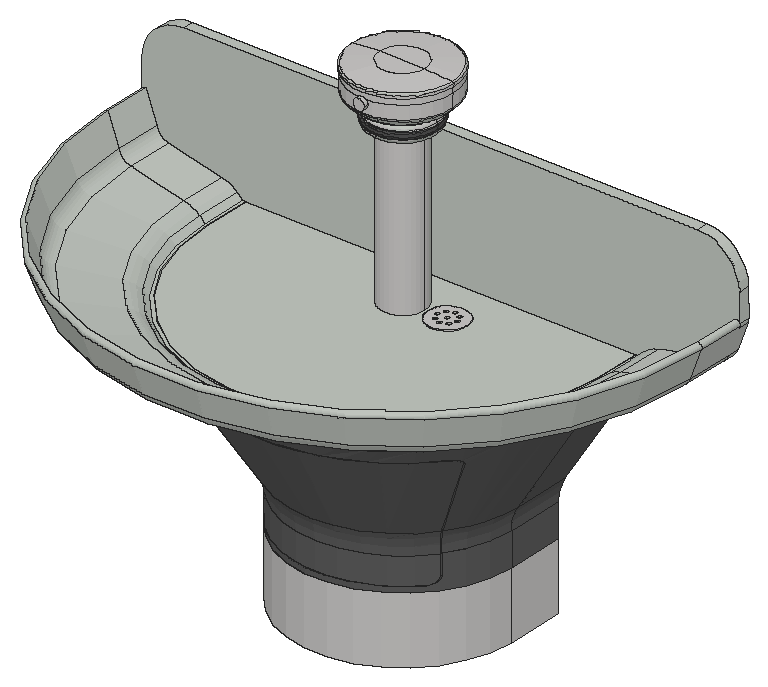
Revit family "Washfountain_Lavatory-Bradley_Corp-TDB3104-Type_H_Drain", category Plumbing Fixtures, Revit 2012 (continued)
Lines and regions (in)
  symbolic lines, detail levels fine
    curve 120: line (0, -11.62628, 6.53285) -> (0, -15, 6.53285)
    curve 121: arc (0, -10.81799, 7.20272) -> (0, -11.10139, 6.72209) -> (0, -11.62628, 6.53285) r 0.82259
    curve 122: arc (0, -11.21198, 11.15545) -> (0, -10.9173, 10.09558) -> (0, -10.81799, 9) r 6.09304
    curve 123: arc (0, -15.24266, 20) -> (0, -14.62169, 19.87689) -> (0, -14.2179, 19.38934) r 0.94465
  symbolic lines, visible <- "Towel Dispenser"
    curve 42: line (-9.02868, -27, 49.185) -> (-3.52868, -27, 49.185)
    curve 43: line (-3.52868, -27, 49.185) -> (-1.58013, -27, 47.81)
    curve 44: line (-3.52868, -27, 49.185) -> (-3.52868, -27, 62.435)
    curve 45: line (-9.02868, -27, 62.435) -> (-3.52868, -27, 62.435)
    curve 46: line (-3.52868, -27, 62.435) -> (-0.06458, -27, 63.1225)
    curve 47: line (-0.06458, -27, 63.1225) -> (-0.06458, -27, 47.81)
    curve 48: line (0.06458, -27, 47.81) -> (0.06458, -27, 63.1225)
    curve 49: line (0.06458, -27, 63.1225) -> (3.52868, -27, 62.435)
    curve 50: line (3.52868, -27, 62.435) -> (3.52868, -27, 49.185)
    curve 51: line (3.52868, -27, 49.185) -> (1.58013, -27, 47.81)
    curve 52: line (3.52868, -27, 49.185) -> (9.02868, -27, 49.185)
    curve 53: line (3.52868, -27, 62.435) -> (9.02868, -27, 62.435)
    curve 54: line (-2, -27, 63.1225) -> (2, -27, 63.1225)
    curve 55: line (-2, -27, 47.81) -> (2, -27, 47.81)
    curve 70: line (-5.56458, 7, 63.1225) -> (-5.56458, 7, 47.81)
    curve 71: line (5.56458, 7, 63.1225) -> (5.56458, 7, 47.81)
    curve 72: line (-2, 7, 49.37293) -> (-2, 7, 61.935)
    curve 73: line (2, 7, 61.935) -> (2, 7, 49.37293)
    curve 133: line (-27, -4.11186, 62.435) -> (-27, -2.11186, 63.1225)
    curve 134: line (-27, -4.11186, 62.435) -> (-27, -13.63814, 62.435)
    curve 135: line (-27, -4.11186, 49.185) -> (-27, -4.11186, 62.435)
    curve 136: line (-27, -2.98686, 47.81) -> (-27, -4.11186, 49.185)
    curve 137: line (-27, -4.11186, 49.185) -> (-27, -13.63814, 49.185)
    curve 144: line (-27, -3.25, 63.1225) -> (-27, -7.25, 63.1225)
    curve 145: line (-26.9807, -3.25, 47.81) -> (-26.9807, -7.25, 47.81)
    curve 152: line (-0.06458, -11.63814, 47.81) -> (-5.56458, -2.11186, 47.81)
    curve 153: line (5.56458, -2.11186, 47.81) -> (0.06458, -11.63814, 47.81)
    curve 164: line (-2, 7, 47.81) -> (-2, 7, 48.87293)
    curve 165: line (2, 7, 47.81) -> (2, 7, 48.87293)
    curve 166: line (-2, 7, 63.1225) -> (-2, 7, 62.435)
    curve 167: line (2, 7, 63.1225) -> (2, 7, 62.435)
    curve 168: line (-5.56458, 7, 62.435) -> (5.56458, 7, 62.435)
    curve 169: line (5.56458, 7, 61.935) -> (-5.56458, 7, 61.935)
    curve 170: line (-5.56458, 7, 49.37293) -> (5.56458, 7, 49.37293)
    curve 171: line (5.56458, 7, 48.87293) -> (-5.56458, 7, 48.87293)
  symbolic lines, visible <- "Towel Dispenser", detail levels medium+fine
    curve 56: line (-3.83614, -27, 48.87293) -> (-7.83674, -27, 48.87293)
    curve 57: spline (-7.83674, -27, 48.87293) -> (-7.91491, -27, 48.8596) -> (-7.94999, -27, 48.82053) -> (-7.93958, -27, 48.75838) -> (-7.88439, -27, 48.67739) -> (-7.78818, -27, 48.58306) -> (-7.65752, -27, 48.48184) -> (-7.50129, -27, 48.38062) -> (-7.33016, -27, 48.2863) -> (-7.15579, -27, 48.2053) -> (-6.99004, -27, 48.14315) -> (-6.84423, -27, 48.10408) -> (-6.72829, -27, 48.09075)
    curve 58: line (-6.72829, -27, 48.09075) -> (-2.72769, -27, 48.09075)
    curve 59: spline (-2.72769, -27, 48.09075) -> (-2.64952, -27, 48.10408) -> (-2.61444, -27, 48.14315) -> (-2.62485, -27, 48.2053) -> (-2.68004, -27, 48.2863) -> (-2.77625, -27, 48.38062) -> (-2.90691, -27, 48.48184) -> (-3.06314, -27, 48.58306) -> (-3.23427, -27, 48.67739) -> (-3.40864, -27, 48.75838) -> (-3.57439, -27, 48.82053) -> (-3.7202, -27, 48.8596) -> (-3.83614, -27, 48.87293)
    curve 60: line (7.83728, -27, 48.87335) -> (3.83704, -27, 48.87335)
    curve 61: spline (3.83704, -27, 48.87335) -> (3.72108, -27, 48.86002) -> (3.57526, -27, 48.82095) -> (3.4095, -27, 48.75879) -> (3.2351, -27, 48.67779) -> (3.06395, -27, 48.58345) -> (2.90772, -27, 48.48222) -> (2.77704, -27, 48.38099) -> (2.68082, -27, 48.28666) -> (2.62563, -27, 48.20565) -> (2.61521, -27, 48.1435) -> (2.65029, -27, 48.10442) -> (2.72847, -27, 48.09109)
    curve 62: line (2.72847, -27, 48.09109) -> (6.72872, -27, 48.09109)
    curve 63: spline (6.72872, -27, 48.09109) -> (6.84468, -27, 48.10442) -> (6.9905, -27, 48.1435) -> (7.15626, -27, 48.20565) -> (7.33066, -27, 48.28666) -> (7.5018, -27, 48.38099) -> (7.65804, -27, 48.48222) -> (7.78872, -27, 48.58345) -> (7.88494, -27, 48.67779) -> (7.94013, -27, 48.75879) -> (7.95054, -27, 48.82095) -> (7.91547, -27, 48.86002) -> (7.83728, -27, 48.87335)
    curve 140: line (-27, -12.08429, 48.87293) -> (-27, -5.15505, 48.87293)
    curve 141: spline (-27, -5.15505, 48.87293) -> (-27, -4.97604, 48.8596) -> (-27, -4.78742, 48.82053) -> (-27, -4.60205, 48.75838) -> (-27, -4.43256, 48.67739) -> (-27, -4.2905, 48.58306) -> (-27, -4.18555, 48.48184) -> (-27, -4.12486, 48.38062) -> (-27, -4.11258, 48.2863) -> (-27, -4.14953, 48.2053) -> (-27, -4.23319, 48.14315) -> (-27, -4.35788, 48.10408) -> (-27, -4.51509, 48.09075)
    curve 142: line (-27, -4.51509, 48.09075) -> (-27, -11.44433, 48.09075)
    curve 143: spline (-27, -11.44433, 48.09075) -> (-27, -11.62334, 48.10408) -> (-27, -11.81196, 48.14315) -> (-27, -11.99733, 48.2053) -> (-27, -12.16682, 48.2863) -> (-27, -12.30888, 48.38062) -> (-27, -12.41383, 48.48184) -> (-27, -12.47452, 48.58306) -> (-27, -12.4868, 48.67739) -> (-27, -12.44985, 48.75838) -> (-27, -12.36618, 48.82053) -> (-27, -12.2415, 48.8596) -> (-27, -12.08429, 48.87293)
    curve 151: line (-1.58013, -12.51314, 47.81) -> (-7.08013, -2.98686, 47.81)
    curve 154: line (7.08013, -2.98686, 47.81) -> (1.58013, -12.51314, 47.81)
  symbolic lines, visible <- "Towel Dispenser", detail levels fine
    curve 64: line (-8.05179, -27, 53.78719) -> (-8.05179, -27, 51.78719)
    curve 65: line (-8.05179, -27, 51.78719) -> (-8.05179, -27, 53.78719)
    curve 66: line (4.50683, -27, 53.78485) -> (4.50683, -27, 51.78485)
    curve 67: line (4.50683, -27, 51.78485) -> (4.50683, -27, 53.78485)
    curve 68: spline (-9.02868, -27, 49.185) -> (-8.93498, -27, 52.22612) -> (-8.66025, -27, 55.06) -> (-8.22323, -27, 57.4935) -> (-7.65368, -27, 59.3608) -> (-6.99044, -27, 60.53463) -> (-6.27868, -27, 60.935) -> (-5.56693, -27, 60.53463) -> (-4.90368, -27, 59.3608) -> (-4.33414, -27, 57.4935) -> (-3.89711, -27, 55.06) -> (-3.62239, -27, 52.22612) -> (-3.52868, -27, 49.185)
    curve 69: spline (3.52868, -27, 49.185) -> (3.62239, -27, 52.16142) -> (3.89711, -27, 54.935) -> (4.33414, -27, 57.31673) -> (4.90368, -27, 59.14429) -> (5.56693, -27, 60.29315) -> (6.27868, -27, 60.685) -> (6.99044, -27, 60.29315) -> (7.65368, -27, 59.14429) -> (8.22323, -27, 57.31673) -> (8.66025, -27, 54.935) -> (8.93498, -27, 52.16142) -> (9.02868, -27, 49.185)
    curve 138: spline (-27, -13.63814, 49.185) -> (-27, -13.47584, 52.16142) -> (-27, -13, 54.935) -> (-27, -12.24305, 57.31673) -> (-27, -11.25657, 59.14429) -> (-27, -10.10779, 60.29315) -> (-27, -8.875, 60.685) -> (-27, -7.64221, 60.29315) -> (-27, -6.49343, 59.14429) -> (-27, -5.50695, 57.31673) -> (-27, -4.75, 54.935) -> (-27, -4.27416, 52.16142) -> (-27, -4.11186, 49.185)
    curve 139: spline (-27, -5.8067, 51.78656) -> (-27, -5.84041, 51.82064) -> (-27, -5.87182, 51.92054) -> (-27, -5.89879, 52.07946) -> (-27, -5.91949, 52.28656) -> (-27, -5.9325, 52.52774) -> (-27, -5.93694, 52.78656) -> (-27, -5.9325, 53.04538) -> (-27, -5.91949, 53.28656) -> (-27, -5.89879, 53.49367) -> (-27, -5.87182, 53.65259) -> (-27, -5.84041, 53.75249) -> (-27, -5.8067, 53.78656) -> (-27, -5.77299, 53.75249) -> (-27, -5.74158, 53.65259) -> (-27, -5.7146, 53.49367) -> (-27, -5.69391, 53.28656) -> (-27, -5.68089, 53.04538) -> (-27, -5.67646, 52.78656) -> (-27, -5.68089, 52.52774) -> (-27, -5.69391, 52.28656) -> (-27, -5.7146, 52.07946) -> (-27, -5.74158, 51.92054) -> (-27, -5.77299, 51.82064) -> (-27, -5.8067, 51.78656)
  symbolic lines, visible <- "Soap Dispenser", detail levels medium+fine
    curve 79: line (-27, -11.45731, 50.25) -> (-27, -3.06766, 50.25)
    curve 87: line (-6.03002, 0, 50.25) -> (6.03002, 0, 50.25)
    curve 155: line (-4.17808, -3.06766, 51.25) -> (-4.17808, -5.3402, 51.25)
    curve 156: arc (4.17808, -5.3402, 51.25) -> (0, -9.51828, 51.25) -> (-4.17808, -5.3402, 51.25) r 4.17808
    curve 157: line (4.17808, -5.3402, 51.25) -> (4.17808, -3.06766, 51.25)
  symbolic lines, visible <- "Soap Dispenser", detail levels fine
    curve 80: line (-27, -11.49582, 50.87453) -> (-27, -3.06766, 50.87453)
    curve 81: line (-27, -11.32199, 49.60673) -> (-27, -3.06766, 49.60673)
    curve 82: line (-27, -11.26962, 48.35673) -> (-27, -3.06766, 48.35673)
    curve 83: line (-27, -11.217, 47.10673) -> (-27, -3.06766, 47.10673)
    curve 84: line (-27, -11.14922, 45.85673) -> (-27, -3.06766, 45.85673)
    curve 86: line (-6.15562, 0, 50.875) -> (6.15562, 0, 50.875)
    curve 88: line (5.98204, 0, 49.60673) -> (-5.98204, 0, 49.60673)
    curve 89: line (-5.92942, 0, 48.35673) -> (5.92942, 0, 48.35673)
    curve 90: line (5.8768, 0, 47.10673) -> (-5.8768, 0, 47.10673)
    curve 91: line (-5.80902, 0, 45.85673) -> (5.82464, 0, 45.85673)
  symbolic lines, visible <- "Soap Dispenser"
    curve 85: line (-27, -7.25, 45.25) -> (-27, -3.24582, 45.25)
    curve 92: line (-2, 0, 45.25) -> (2, 0, 45.25)
  symbolic lines, detail levels medium
    curve 94: line (-4.5755, -5.25, 41.06653) -> (4.5755, -5.25, 41.06653)
    curve 100: line (-3.035, -5.25, 38.77376) -> (-3.125, -5.25, 38.77376)
    curve 101: line (-3.035, -5.25, 39.27361) -> (-3.125, -5.25, 39.27361)
    curve 102: line (3.035, -5.25, 39.27361) -> (3.125, -5.25, 39.27361)
    curve 103: line (3.035, -5.25, 38.77376) -> (3.125, -5.25, 38.77376)
    curve 106: line (-27, -0.6745, 41.06653) -> (-27, -9.8255, 41.06653)
    curve 109: line (-27, -2.125, 39.27361) -> (-27, -2.215, 39.27361)
    curve 111: line (-26.9807, -8.285, 39.27392) -> (-26.9807, -8.375, 39.27392)
    curve 112: line (-27, -8.375, 38.77376) -> (-27, -8.285, 38.77376)
    curve 114: line (-27, -2.215, 38.77376) -> (-27, -2.125, 38.77376)
  symbolic lines, detail levels medium+fine
    curve 98: line (-3.035, -5.25, 39.27361) -> (3.035, -5.25, 39.27361)
    curve 99: line (3.035, -5.25, 38.77376) -> (-3.035, -5.25, 38.77376)
    curve 110: line (-27, -2.215, 39.27361) -> (-27, -8.285, 39.27361)
    curve 113: line (-27, -8.285, 38.77376) -> (-27, -2.215, 38.77376)
    curve 158: line (-16.42795, -5.25, 30) -> (-16.42795, -0.99695, 30)
    curve 159: arc (16.42795, -5.25, 30) -> (0, -21.67795, 30) -> (-16.42795, -5.25, 30) r 16.42795
    curve 160: line (16.42795, -0.99695, 30) -> (16.42795, -5.25, 30)
    curve 173: circle (4, -5.24635, 30) r 1.34351 normal (0, 0, 1)
    curve 174: circle (4, -5.24635, 30) r 0.1842 normal (0, 0, 1)
    curve 175: circle (4, -4.36864, 30) r 0.1842 normal (0, 0, 1)
    curve 176: circle (4.62063, -4.62571, 30) r 0.1842 normal (0, 0, 1)
    curve 177: circle (4.87771, -5.24635, 30) r 0.1842 normal (0, 0, 1)
    curve 178: circle (4.62063, -5.86698, 30) r 0.1842 normal (0, 0, 1)
    curve 179: circle (4, -6.12406, 30) r 0.1842 normal (0, 0, 1)
    curve 180: circle (3.37937, -5.86698, 30) r 0.1842 normal (0, 0, 1)
    curve 181: circle (3.12229, -5.24635, 30) r 0.1842 normal (0, 0, 1)
    curve 182: circle (3.37937, -4.62571, 30) r 0.1842 normal (0, 0, 1)
    curve 185: circle (0, -5.25, 43.414) r 3.75 normal (0, 0, 1)
  symbolic lines, visible <- "Standard Height", detail levels medium+fine
    curve 116: arc (-27, -25.14914, 27.60641) -> (-27, -21.62946, 26.99605) -> (-27, -18.06241, 26.80413) r 30.30246
    curve 132: line (-27, -18.06241, 26.80413) -> (-27, -15.06241, 26.80413)
    curve 161: arc (-19.89268, -27, 27.60641) -> (0, -27, 26.01288) -> (19.89268, -27, 27.60641) r 124.96125
  symbolic lines, visible <- "Standard Height", detail levels coarse
    curve 125: line (-27, -25.14914, 27.60641) -> (-27, 0, 27.60641)
    curve 162: line (-19.89268, -27, 27.60641) -> (19.89268, -27, 27.60641)
  symbolic lines, visible <- "Juvenile Height", detail levels medium+fine
    curve 126: arc (-27, -24.98186, 24.71005) -> (-27, -21.77754, 24.31554) -> (-27, -18.55112, 24.19901) r 37.37844
    curve 146: arc (-19.73471, -27, 24.7109) -> (0, -27, 23.98814) -> (19.73471, -27, 24.7109) r 269.78563
  symbolic lines, visible <- "Soap Dispenser", detail levels medium
    curve 128: line (-6.03002, 0, 50.25) -> (-6.11711, 0, 50.25)
    curve 129: line (6.03002, 0, 50.25) -> (6.11711, 0, 50.25)
  symbolic lines, visible <- "Button Visibility"
    curve 184: circle (0, -44.4096, 41.95529) r 0.5 normal (0, -1, 0)
Dimensions and locks (in)
  equal spacing: plane 4 "Left", plane 3 "Center (Left/Right)", plane 5 "Right"
  "Width": plane 4 "Left" to plane 5 "Right"
  "Towel Dispenser Height": plane 6 "Towel Dispenser" to plane 2
  "Soap Dispenser Height": plane 7 "Soap Dispenser" to plane 2
  "Sensor Module Height": plane 8 "Sensor Module" to plane 2
  "Spray Head Height": plane 9 "Spray Head" to plane 2
  "Rim Height": plane 10 "Rim Height" to plane 2
  "Pedestal Height": plane 11 "Pedestal Height" to plane 2
  locked: curve 14 to plane 11 "Pedestal Height" at 16.5
  locked: curve 21 to plane 11 "Pedestal Height" at 12.5
  locked: Extrusion 19 sketch curve to Extrusion 19 sketch curve at 4
  locked: curve 25 to Extrusion 19 sketch curve at 15.3125
  locked: plane 7 "Soap Dispenser" to Extrusion 23 sketch curve at 6
  locked: plane 7 "Soap Dispenser" to Revolve 25 sketch curve at 6
  locked: plane 7 "Soap Dispenser" to Masking region 13 sketch curve at 6  (x2)
  locked: plane 8 "Sensor Module" to Revolve 22 sketch curve at 3.17187
  locked: plane 8 "Sensor Module" to Revolve 22 sketch curve at 5.10281
  locked: plane 8 "Sensor Module" to Revolve 21 sketch curve at 3.17187
  locked: plane 8 "Sensor Module" to Revolve 21 sketch curve at 5.10281
  locked: curve 25 to Extrusion 19 sketch curve at 15.16214
  locked: curve 25 to Extrusion 19 sketch curve at 4
  locked: Extrusion 18 sketch curve to curve 24 at 4
  locked: curve 24 to Extrusion 18 sketch curve at 15.3125
  locked: curve 24 to Extrusion 18 sketch curve at 15.16214
  "Towel Dispenser Holder": plane 6 "Towel Dispenser" to Masking region 6
  "Towel Dispenser Holder": plane 6 "Towel Dispenser" to Extrusion 27
  locked: Extrusion 27 to Extrusion 18 at 1
  "Towel Dispenser Holder": plane 6 "Towel Dispenser" to Masking region 11
  locked: plane 7 "Soap Dispenser" to Revolve 25 sketch curve at 1
  locked: plane 7 "Soap Dispenser" to Revolve 25 sketch curve at 0.375
  locked: plane 8 "Sensor Module" to Extrusion 15 at 3.17187
  locked: Extrusion 29 sketch curve to plane 1 "Center (Front/Back)" at 5.25
  locked: Extrusion 30 sketch curve to plane 1 "Center (Front/Back)" at 2  (x2)
  Extrusion 30 sketch curve to plane 3 "Center (Left/Right)" to Extrusion 30 sketch curve = 7.625" locked, 7.625" locked
  Extrusion 31 sketch curve to plane 3 "Center (Left/Right)" to Extrusion 31 sketch curve = 7.625" locked, 7.625" locked
  locked: Extrusion 31 sketch curve to plane 2 at 12
  locked: Extrusion 30 to plane 2 at 2.5
  locked: plane 1 "Center (Front/Back)" to Extrusion 31 at 1
  "Supply Height": Extrusion 29 to plane 2
  plane 7 "Soap Dispenser" to Extrusion 24 sketch curve to Extrusion 24 sketch curve = 1.000" locked, 5.000" locked
  plane 7 "Soap Dispenser" to Revolve 26 sketch curve to Revolve 26 sketch curve = 1.000" locked, 5.000" locked
  locked: plane 7 "Soap Dispenser" to Extrusion 33 sketch curve at 1
  Extrusion 31 sketch curve to plane 2 = 12.000"
  locked: Extrusion 36 sketch curve to plane 1 "Center (Front/Back)" at 5.25
  locked: Extrusion 36 sketch curve to plane 3 "Center (Left/Right)" at 4
  locked: Extrusion 36 to plane 2 at 3
  "Vent Radius": radius of Extrusion 29 sketch curve
  "Hot Lavatory Inlet Secondary Radius": radius of Extrusion 30 sketch curve
  "Cold Lavatory Inlet Secondary Radius": radius of Extrusion 30 sketch curve
  "Hot Lavatory Inlet Primary Radius": radius of Extrusion 31 sketch curve
  "Cold Lavatory Inlet Primary Radius": radius of Extrusion 31 sketch curve
  "Drain Radius": radius of Extrusion 36 sketch curve
  aligned and locked: plane 10 "Rim Height" to curve 1
  aligned and locked: Sweep 4 to Extrusion 15
  aligned and locked: plane 6 "Towel Dispenser" to curve 23
  aligned and locked: Extrusion 17 to plane 8 "Sensor Module"
  aligned and locked: Extrusion 18 to Extrusion 20
  aligned and locked: plane 11 "Pedestal Height" to Masking region 9 sketch curve
  aligned and locked: plane 2 to Masking region 9 sketch curve
  aligned and locked: Masking region 10 sketch curve to plane 8 "Sensor Module"
  aligned and locked: Masking region 12 to plane 8 "Sensor Module"
  aligned and locked: Masking region 13 to plane 8 "Sensor Module"
  aligned and locked: Masking region 14 to plane 8 "Sensor Module"
  aligned and locked: Masking region 25 to Revolve 21
  aligned and locked: Masking region 25 to plane 10 "Rim Height"
  aligned and locked: Revolve 21 to Masking region 26
  aligned and locked: plane 10 "Rim Height" to Masking region 26
  aligned and locked: Revolve 25 to Masking region 14  (x3)
  aligned and locked: Masking region 14 sketch curve to Extrusion 23
  aligned and locked: Extrusion 23 to Masking region 14
  aligned and locked: Extrusion 17 to cut or joined group of Extrusion 24, Revolve 26
  aligned and locked: Extrusion 29 to plane 2
  aligned and locked: Revolve 32 sketch curve to plane 3 "Center (Left/Right)"
  aligned and locked: Extrusion 30 to plane 2
  aligned and locked: Extrusion 36 to plane 2
Automatic sketch dimensions
  curve 21 to plane 4 "Left" = 6.92149"
  curve 21 to curve 14 = 1.92149"
  plane 4 "Left" to curve 14 = 6.000"
  curve 14 to curve 21 = 0.07851"
  curve 1 to plane 4 "Left" = 20.13744"
  plane 4 "Left" to curve 1 = 2.86256"
  Extrusion 1 sketch curve to plane 1 "Center (Front/Back)" = 0.000"
  Extrusion 1 sketch curve to plane 3 "Center (Left/Right)" = 0.000"
  Extrusion 1 sketch curve to plane 3 "Center (Left/Right)" = 9.750"
  plane 1 "Center (Front/Back)" to Extrusion 1 sketch curve = 5.250"
  Sweep 2 sketch curve to profile plane = 0.000"  (x2)
  profile plane to Sweep 2 sketch curve = 0.20663"
  Sweep 2 sketch curve to Sweep 2 sketch curve = 0.42149"
  profile plane to Sweep 2 sketch curve = 6.67795"
  Sweep 2 sketch curve to Sweep 2 sketch curve = 0.46084"
  Sweep 2 sketch curve to Sweep 2 sketch curve = 0.55216"
  Sweep 2 sketch curve to Sweep 2 sketch curve = 0.51988"
  Sweep 2 sketch curve to Sweep 2 sketch curve = 0.500"
  Sweep 2 sketch curve to Sweep 2 sketch curve = 2.980"
  Sweep 2 sketch curve to Sweep 2 sketch curve = 0.000"
  Sweep 2 sketch curve to Sweep 2 sketch curve = 2.15184"
  Sweep 2 sketch curve to Sweep 2 sketch curve = 0.26898"
  Sweep 2 sketch curve to Sweep 2 sketch curve = 10.2021"
  Sweep 2 sketch curve to Sweep 2 sketch curve = 0.20731"
  Sweep 2 sketch curve to Sweep 2 sketch curve = 1.93875"
  Sweep 3 sketch curve to profile plane = 0.000"  (x2)
  profile plane to Sweep 3 sketch curve = 0.20663"
  Sweep 3 sketch curve to Sweep 3 sketch curve = 0.42149"
  profile plane to Sweep 3 sketch curve = 4.000"
  profile plane to Sweep 3 sketch curve = 6.67795"
  Sweep 3 sketch curve to Sweep 3 sketch curve = 0.46084"
  Sweep 3 sketch curve to Sweep 3 sketch curve = 0.55216"
  Sweep 3 sketch curve to Sweep 3 sketch curve = 0.37561"
  Sweep 3 sketch curve to Sweep 3 sketch curve = 0.0125"
  Sweep 3 sketch curve to Sweep 3 sketch curve = 0.11945"
  Sweep 3 sketch curve to Sweep 3 sketch curve = 0.000"  (x2)
  Sweep 3 sketch curve to Sweep 3 sketch curve = 0.500"
  Sweep 3 sketch curve to profile plane = 1.16827"
  Sweep 3 sketch curve to Sweep 3 sketch curve = 2.980"
  Sweep 3 sketch curve to Sweep 3 sketch curve = 0.26898"
  Sweep 3 sketch curve to Sweep 3 sketch curve = 10.2021"
  Sweep 3 sketch curve to Sweep 3 sketch curve = 0.20731"
  Sweep 3 sketch curve to Sweep 3 sketch curve = 1.79793"
  profile plane to Sweep 4 sketch curve = 17.05789"
  Sweep 4 sketch curve to Sweep 4 sketch curve = 0.52916"
  Sweep 4 sketch curve to Sweep 4 sketch curve = 1.20506"
  Sweep 4 sketch curve to Sweep 4 sketch curve = 0.38561"
  Sweep 4 sketch curve to Sweep 4 sketch curve = 4.79538"
  Sweep 4 sketch curve to Sweep 4 sketch curve = 0.27039"
  Sweep 4 sketch curve to Sweep 4 sketch curve = 1.45241"
  Sweep 4 sketch curve to Sweep 4 sketch curve = 0.44027"
  Sweep 4 sketch curve to Sweep 4 sketch curve = 0.46741"
  Sweep 4 sketch curve to Sweep 4 sketch curve = 0.50758"
  profile plane to Sweep 4 sketch curve = 17.480"
  Sweep 4 sketch curve to Sweep 4 sketch curve = 0.500"
  Sweep 4 sketch curve to Sweep 4 sketch curve = 2.01893"
  Sweep 4 sketch curve to Sweep 4 sketch curve = 0.22984"
  Sweep 4 sketch curve to Sweep 4 sketch curve = 1.58748"
  Sweep 4 sketch curve to Sweep 4 sketch curve = 0.44518"
  Sweep 4 sketch curve to Sweep 4 sketch curve = 1.38849"
  Sweep 4 sketch curve to Sweep 4 sketch curve = 0.4143"
  Sweep 4 sketch curve to Sweep 4 sketch curve = 4.5908"
  Sweep 5 sketch curve to Sweep 5 sketch curve = 0.000"  (x7)
  profile plane to Sweep 5 sketch curve = 17.21443"
  Sweep 5 sketch curve to Sweep 5 sketch curve = 0.00833"
  Sweep 5 sketch curve to Sweep 5 sketch curve = 0.15654"
  Sweep 5 sketch curve to Sweep 5 sketch curve = 0.25178"
  Sweep 5 sketch curve to Sweep 5 sketch curve = 0.49458"
  Sweep 5 sketch curve to Sweep 5 sketch curve = 0.00555"
  Sweep 5 sketch curve to Sweep 5 sketch curve = 0.37062"
  Sweep 5 sketch curve to Sweep 5 sketch curve = 0.18233"
  Sweep 5 sketch curve to Sweep 5 sketch curve = 0.4918"
  Sweep 5 sketch curve to Sweep 5 sketch curve = 0.98915"
  Sweep 5 sketch curve to Sweep 5 sketch curve = 1.13886"
  Sweep 5 sketch curve to Sweep 5 sketch curve = 0.12943"  (x2)
  Sweep 5 sketch curve to Sweep 5 sketch curve = 0.98948"
  Sweep 5 sketch curve to Sweep 5 sketch curve = 4.66326"
  Sweep 5 sketch curve to Sweep 5 sketch curve = 0.51772"
  Sweep 5 sketch curve to Sweep 5 sketch curve = 1.97013"
  Sweep 5 sketch curve to Sweep 5 sketch curve = 0.4229"
  Sweep 5 sketch curve to Sweep 5 sketch curve = 0.49279"
  Sweep 5 sketch curve to Sweep 5 sketch curve = 0.11821"
  Sweep 5 sketch curve to Sweep 5 sketch curve = 0.30283"
  Sweep 5 sketch curve to Sweep 5 sketch curve = 0.1039"
  profile plane to Sweep 5 sketch curve = 17.480"
  Sweep 5 sketch curve to Sweep 5 sketch curve = 0.09934"
  Sweep 5 sketch curve to Sweep 5 sketch curve = 0.500"
  Sweep 5 sketch curve to Sweep 5 sketch curve = 0.08737"
  Sweep 5 sketch curve to Sweep 5 sketch curve = 2.07524"
  Sweep 5 sketch curve to Sweep 5 sketch curve = 0.34435"
  Sweep 5 sketch curve to Sweep 5 sketch curve = 0.08462"
  Sweep 5 sketch curve to Sweep 5 sketch curve = 1.38849"
  Sweep 5 sketch curve to Sweep 5 sketch curve = 0.48296"
  Sweep 5 sketch curve to Sweep 5 sketch curve = 1.28456"
  Sweep 5 sketch curve to Sweep 5 sketch curve = 1.37314"
  Sweep 5 sketch curve to Sweep 5 sketch curve = 0.09018"
  Sweep 5 sketch curve to Sweep 5 sketch curve = 0.18035"
  Sweep 5 sketch curve to Sweep 5 sketch curve = 1.07264"
  Sweep 5 sketch curve to Sweep 5 sketch curve = 0.05503"
  Extrusion 6 sketch curve to curve 14 = 0.000"
  Extrusion 6 sketch curve to curve 14 = 7.3736"
  Extrusion 6 sketch curve to curve 14 = 47.96443"
  Extrusion 6 sketch curve to curve 14 = 7.86445"
  Extrusion 6 sketch curve to Extrusion 6 sketch curve = 0.00833"  (x2)
  Extrusion 6 sketch curve to Extrusion 6 sketch curve = 0.15654"
  Extrusion 6 sketch curve to curve 14 = 9.23759"
  Extrusion 6 sketch curve to Extrusion 6 sketch curve = 0.25178"  (x2)
  Extrusion 6 sketch curve to Extrusion 6 sketch curve = 1.4754"
  Extrusion 6 sketch curve to Extrusion 6 sketch curve = 1.63066"
  Extrusion 6 sketch curve to Extrusion 6 sketch curve = 0.98948"  (x2)
  Extrusion 6 sketch curve to Extrusion 6 sketch curve = 3.750"  (x2)
  Extrusion 6 sketch curve to Extrusion 6 sketch curve = 4.66326"
  Extrusion 6 sketch curve to curve 14 = 12.39359"
  Extrusion 6 sketch curve to Extrusion 6 sketch curve = 0.51772"
  Extrusion 6 sketch curve to curve 14 = 13.98107"
  Extrusion 6 sketch curve to Extrusion 6 sketch curve = 1.97013"
  Extrusion 6 sketch curve to curve 14 = 16.40066"
  Extrusion 6 sketch curve to Extrusion 6 sketch curve = 0.4229"  (x2)
  Extrusion 6 sketch curve to Extrusion 6 sketch curve = 0.11821"  (x2)
  Extrusion 6 sketch curve to curve 14 = 3.10085"
  Extrusion 6 sketch curve to curve 14 = 1.10732"
  Extrusion 6 sketch curve to curve 14 = 0.5896"
  curve 14 to Extrusion 6 sketch curve = 2.05789"
  curve 14 to Extrusion 6 sketch curve = 3.49122"
  Extrusion 6 sketch curve to Extrusion 6 sketch curve = 0.58244"
  Extrusion 6 sketch curve to Extrusion 6 sketch curve = 1.22363"
  Extrusion 6 sketch curve to Extrusion 6 sketch curve = 1.05424"  (x2)
  Extrusion 6 sketch curve to Extrusion 6 sketch curve = 2.56937"
  Extrusion 6 sketch curve to Extrusion 6 sketch curve = 0.22032"
  Extrusion 6 sketch curve to Extrusion 6 sketch curve = 1.23787"  (x2)
  Extrusion 6 sketch curve to Extrusion 6 sketch curve = 1.37314"
  curve 14 to Extrusion 6 sketch curve = 12.39359"
  Extrusion 6 sketch curve to Extrusion 6 sketch curve = 1.58748"
  Extrusion 6 sketch curve to Extrusion 6 sketch curve = 0.02066"
  Extrusion 6 sketch curve to Extrusion 6 sketch curve = 0.120"
  Extrusion 7 sketch curve to curve 14 = 0.000"
  Extrusion 7 sketch curve to curve 14 = 6.000"
  Extrusion 7 sketch curve to curve 14 = 47.80789"
  Extrusion 7 sketch curve to curve 14 = 11.0051"
  Extrusion 7 sketch curve to Extrusion 7 sketch curve = 1.73423"
  Extrusion 7 sketch curve to curve 14 = 3.750"  (x2)
  Extrusion 7 sketch curve to curve 14 = 12.39359"
  Extrusion 7 sketch curve to Extrusion 7 sketch curve = 5.18099"
  Extrusion 7 sketch curve to curve 14 = 13.98107"
  Extrusion 7 sketch curve to Extrusion 7 sketch curve = 1.45241"
  Extrusion 7 sketch curve to curve 14 = 16.500"
  Extrusion 7 sketch curve to Extrusion 7 sketch curve = 0.44027"  (x2)
  Extrusion 7 sketch curve to curve 14 = 3.000"
  Extrusion 7 sketch curve to curve 14 = 1.10732"
  curve 14 to Extrusion 7 sketch curve = 2.05789"
  curve 14 to Extrusion 7 sketch curve = 4.07366"
  Extrusion 7 sketch curve to Extrusion 7 sketch curve = 2.250"
  curve 14 to Extrusion 7 sketch curve = 11.0051"
  curve 14 to Extrusion 7 sketch curve = 12.39359"
  Extrusion 7 sketch curve to Extrusion 7 sketch curve = 1.58748"
  Extrusion 9 sketch curve to plane 11 "Pedestal Height" = 0.000"
  plane 4 "Left" to Extrusion 9 sketch curve = 10.01988"
  Extrusion 9 sketch curve to plane 11 "Pedestal Height" = 1.93875"  (x2)
  Extrusion 9 sketch curve to Extrusion 9 sketch curve = 0.55216"  (x2)
  Extrusion 9 sketch curve to plane 3 "Center (Left/Right)" = 9.95663"
  Extrusion 9 sketch curve to Extrusion 9 sketch curve = 0.70663"  (x2)
  plane 3 "Center (Left/Right)" to Extrusion 9 sketch curve = 9.250"
  Extrusion 9 sketch curve to plane 5 "Right" = 10.57205"
  level to Extrusion 9 sketch curve = 11.42082"  (x2)
  Extrusion 9 sketch curve to Extrusion 9 sketch curve = 2.42082"  (x2)
  Extrusion 9 sketch curve to Extrusion 9 sketch curve = 2.980"
  profile plane to Sweep 10 sketch curve = 17.05789"
  Sweep 10 sketch curve to Sweep 10 sketch curve = 0.33998"
  Sweep 10 sketch curve to Sweep 10 sketch curve = 1.26148"
  Sweep 10 sketch curve to Sweep 10 sketch curve = 0.37615"
  Sweep 10 sketch curve to Sweep 10 sketch curve = 6.1096"
  Sweep 10 sketch curve to Sweep 10 sketch curve = 0.25072"
  Sweep 10 sketch curve to Sweep 10 sketch curve = 1.06066"
  Sweep 10 sketch curve to Sweep 10 sketch curve = 0.20711"
  Sweep 10 sketch curve to Sweep 10 sketch curve = 0.50758"
  profile plane to Sweep 10 sketch curve = 17.480"
  Sweep 10 sketch curve to Sweep 10 sketch curve = 0.500"
  Sweep 10 sketch curve to Sweep 10 sketch curve = 0.56066"
  Sweep 10 sketch curve to Sweep 10 sketch curve = 0.45639"
  Sweep 10 sketch curve to Sweep 10 sketch curve = 1.44565"
  Sweep 10 sketch curve to Sweep 10 sketch curve = 0.42843"
  Sweep 10 sketch curve to Sweep 10 sketch curve = 3.06543"
  Sweep 10 sketch curve to Sweep 10 sketch curve = 0.49984"
  Sweep 11 sketch curve to Sweep 11 sketch curve = 0.000"  (x4)
  profile plane to Sweep 11 sketch curve = 17.06017"
  Sweep 11 sketch curve to Sweep 11 sketch curve = 0.34215"
  Sweep 11 sketch curve to Sweep 11 sketch curve = 0.35149"
  Sweep 11 sketch curve to Sweep 11 sketch curve = 0.96392"
  Sweep 11 sketch curve to Sweep 11 sketch curve = 0.35711"
  Sweep 11 sketch curve to Sweep 11 sketch curve = 1.31387"
  Sweep 11 sketch curve to Sweep 11 sketch curve = 0.10878"  (x2)
  Sweep 11 sketch curve to Sweep 11 sketch curve = 1.37319"
  Sweep 11 sketch curve to Sweep 11 sketch curve = 4.2803"
  Sweep 11 sketch curve to Sweep 11 sketch curve = 0.51736"
  Sweep 11 sketch curve to Sweep 11 sketch curve = 1.12685"
  Sweep 11 sketch curve to Sweep 11 sketch curve = 0.34986"
  Sweep 11 sketch curve to Sweep 11 sketch curve = 0.60786"
  Sweep 11 sketch curve to Sweep 11 sketch curve = 0.20711"
  Sweep 11 sketch curve to Sweep 11 sketch curve = 0.30047"
  profile plane to Sweep 11 sketch curve = 16.36982"
  Sweep 11 sketch curve to Sweep 11 sketch curve = 1.11018"
  Sweep 11 sketch curve to Sweep 11 sketch curve = 0.500"
  Sweep 11 sketch curve to Sweep 11 sketch curve = 0.10786"
  Sweep 11 sketch curve to Sweep 11 sketch curve = 0.35725"
  Sweep 11 sketch curve to Sweep 11 sketch curve = 1.06938"
  Sweep 11 sketch curve to Sweep 11 sketch curve = 0.48802"
  Sweep 11 sketch curve to Sweep 11 sketch curve = 0.56179"
  Sweep 11 sketch curve to Sweep 11 sketch curve = 2.18899"
  Sweep 11 sketch curve to Sweep 11 sketch curve = 0.12691"
  Extrusion 12 sketch curve to curve 21 = 0.000"
  Extrusion 12 sketch curve to curve 21 = 5.8864"
  Extrusion 12 sketch curve to Extrusion 12 sketch curve = 0.05365"
  Extrusion 12 sketch curve to Extrusion 12 sketch curve = 0.86879"  (x2)
  Extrusion 12 sketch curve to Extrusion 12 sketch curve = 0.90799"
  Extrusion 12 sketch curve to Extrusion 12 sketch curve = 1.31387"  (x2)
  Extrusion 12 sketch curve to Extrusion 12 sketch curve = 1.7303"
  Extrusion 12 sketch curve to curve 21 = 2.1364"
  curve 21 to Extrusion 12 sketch curve = 0.66942"
  curve 21 to Extrusion 12 sketch curve = 1.18678"
  Extrusion 12 sketch curve to Extrusion 12 sketch curve = 1.12685"  (x2)
  Extrusion 12 sketch curve to Extrusion 12 sketch curve = 0.60786"  (x3)
  curve 21 to Extrusion 12 sketch curve = 12.500"
  Extrusion 12 sketch curve to Extrusion 12 sketch curve = 36.000"
  curve 21 to Extrusion 12 sketch curve = 11.89214"
  Extrusion 12 sketch curve to Extrusion 12 sketch curve = 0.51736"
  Extrusion 12 sketch curve to Extrusion 12 sketch curve = 3.32318"
  Extrusion 12 sketch curve to Extrusion 12 sketch curve = 1.05806"
  Extrusion 12 sketch curve to Extrusion 12 sketch curve = 0.41643"
  Extrusion 12 sketch curve to Extrusion 12 sketch curve = 1.7695"
  curve 21 to Extrusion 12 sketch curve = 6.6551"
  Extrusion 12 sketch curve to Extrusion 12 sketch curve = 0.92244"
  Extrusion 12 sketch curve to Extrusion 12 sketch curve = 1.71804"
  Extrusion 12 sketch curve to curve 21 = 13.61018"
  Extrusion 12 sketch curve to curve 21 = 10.21972"
  Extrusion 12 sketch curve to Extrusion 12 sketch curve = 3.56462"
  Extrusion 12 sketch curve to Extrusion 12 sketch curve = 1.04981"  (x2)
  Extrusion 12 sketch curve to Extrusion 12 sketch curve = 2.51481"
  Extrusion 12 sketch curve to Extrusion 12 sketch curve = 0.31368"  (x2)
  Extrusion 13 sketch curve to curve 21 = 0.000"
  Extrusion 13 sketch curve to curve 21 = 5.8864"
  Extrusion 13 sketch curve to Extrusion 13 sketch curve = 1.26148"  (x2)
  Extrusion 13 sketch curve to curve 21 = 2.1364"
  curve 21 to Extrusion 13 sketch curve = 1.86083"
  Extrusion 13 sketch curve to Extrusion 13 sketch curve = 1.06066"  (x3)
  curve 21 to Extrusion 13 sketch curve = 12.500"
  Extrusion 13 sketch curve to Extrusion 13 sketch curve = 36.000"
  curve 21 to Extrusion 13 sketch curve = 11.43934"
  curve 21 to Extrusion 13 sketch curve = 3.750"
  Extrusion 13 sketch curve to Extrusion 13 sketch curve = 3.99723"
  curve 21 to Extrusion 13 sketch curve = 9.99369"
  Extrusion 13 sketch curve to curve 21 = 9.99369"
  Extrusion 13 sketch curve to Extrusion 13 sketch curve = 2.77782"  (x2)
  Extrusion 14 sketch curve to Extrusion 14 sketch curve = 0.87229"
  Extrusion 14 sketch curve to Extrusion 14 sketch curve = 0.25708"  (x5)
  Extrusion 14 sketch curve to Extrusion 14 sketch curve = 0.62063"  (x10)
  Extrusion 15 sketch curve to plane 3 "Center (Left/Right)" = 0.000"
  plane 1 "Center (Front/Back)" to Extrusion 15 sketch curve = 5.250"
  Extrusion 16 sketch curve to Extrusion 16 sketch curve = 0.000"  (x7)
  curve 21 to Extrusion 16 sketch curve = 8.11292"
  Extrusion 16 sketch curve to Extrusion 16 sketch curve = 0.052"
  Extrusion 16 sketch curve to Extrusion 16 sketch curve = 0.22903"
  Extrusion 16 sketch curve to Extrusion 16 sketch curve = 0.00701"  (x2)
  Extrusion 16 sketch curve to Extrusion 16 sketch curve = 0.32568"
  curve 21 to Extrusion 16 sketch curve = 9.66113"
  Extrusion 16 sketch curve to Extrusion 16 sketch curve = 2.76437"
  Extrusion 16 sketch curve to Extrusion 16 sketch curve = 0.0519"
  Extrusion 16 sketch curve to Extrusion 16 sketch curve = 0.51604"
  Extrusion 16 sketch curve to Extrusion 16 sketch curve = 0.05859"
  Extrusion 16 sketch curve to Extrusion 16 sketch curve = 0.52993"
  Extrusion 16 sketch curve to Extrusion 16 sketch curve = 0.01463"
  Extrusion 16 sketch curve to Extrusion 16 sketch curve = 0.00079"
  Extrusion 16 sketch curve to Extrusion 16 sketch curve = 14.71052"
  Extrusion 16 sketch curve to Extrusion 16 sketch curve = 0.00972"
  Extrusion 16 sketch curve to Extrusion 16 sketch curve = 0.00484"
  Extrusion 16 sketch curve to Extrusion 16 sketch curve = 0.58467"
  Extrusion 16 sketch curve to Extrusion 16 sketch curve = 0.07564"
  Extrusion 16 sketch curve to Extrusion 16 sketch curve = 0.43038"
  Extrusion 16 sketch curve to Extrusion 16 sketch curve = 0.05231"
  Extrusion 16 sketch curve to Extrusion 16 sketch curve = 2.78655"
  Extrusion 16 sketch curve to Extrusion 16 sketch curve = 1.15791"
  Extrusion 16 sketch curve to Extrusion 16 sketch curve = 0.08964"
  Extrusion 16 sketch curve to Extrusion 16 sketch curve = 0.32472"
  Extrusion 16 sketch curve to Extrusion 16 sketch curve = 0.05186"
  Extrusion 16 sketch curve to curve 21 = 29.46715"
  Extrusion 16 sketch curve to Extrusion 16 sketch curve = 1.76161"
  Extrusion 16 sketch curve to Extrusion 16 sketch curve = 1.87798"
  Extrusion 16 sketch curve to Extrusion 16 sketch curve = 0.18344"
  Extrusion 16 sketch curve to Extrusion 16 sketch curve = 2.15339"
  Extrusion 16 sketch curve to Extrusion 16 sketch curve = 0.0272"
  Extrusion 16 sketch curve to Extrusion 16 sketch curve = 2.08114"
  Extrusion 16 sketch curve to Extrusion 16 sketch curve = 0.02642"
  Extrusion 16 sketch curve to Extrusion 16 sketch curve = 6.26208"
  Extrusion 16 sketch curve to Extrusion 16 sketch curve = 6.39267"
  Extrusion 16 sketch curve to Extrusion 16 sketch curve = 0.02728"
  Extrusion 16 sketch curve to Extrusion 16 sketch curve = 0.02701"
  curve 23 to plane 4 "Left" = 0.000"
  curve 23 to curve 23 = 8.86256"
  Extrusion 17 sketch curve to plane 3 "Center (Left/Right)" = 0.000"
  plane 1 "Center (Front/Back)" to Extrusion 17 sketch curve = 5.250"
  Extrusion 18 sketch curve to plane 6 "Towel Dispenser" = 0.000"
  plane 6 "Towel Dispenser" to Extrusion 18 sketch curve = 1.375"
  Extrusion 18 sketch curve to Extrusion 18 sketch curve = 1.750"
  Extrusion 19 sketch curve to plane 6 "Towel Dispenser" = 0.000"
  plane 6 "Towel Dispenser" to Extrusion 19 sketch curve = 1.375"
  Extrusion 19 sketch curve to Extrusion 19 sketch curve = 1.750"
  plane 1 "Center (Front/Back)" to curve 25 = 2.11186"
  plane 3 "Center (Left/Right)" to curve 25 = 5.56458"
  plane 3 "Center (Left/Right)" to curve 25 = 0.06458"
  curve 24 to plane 3 "Center (Left/Right)" = 0.06458"
  plane 1 "Center (Front/Back)" to curve 24 = 2.11186"
  curve 24 to plane 3 "Center (Left/Right)" = 5.56458"
  curve 25 to curve 25 = 9.52628"
  curve 24 to curve 25 = 0.000"
  Extrusion 18 to Split face 1 sketch curve = 0.59847"
  Split face 1 sketch curve to Split face 1 sketch curve = 0.750"
  Split face 1 sketch curve to Extrusion 18 = 1.4994"  (x2)
  Extrusion 19 to Split face 2 sketch curve = 0.59766"
  Split face 2 sketch curve to Split face 2 sketch curve = 0.75008"
  Split face 2 sketch curve to Extrusion 19 = 1.500"
  Split face 2 sketch curve to Extrusion 19 = 1.49951"
  Extrusion 20 sketch curve to Extrusion 20 sketch curve = 0.000"  (x2)
  Extrusion 20 sketch curve to curve 23 = 2.11186"  (x2)
  Extrusion 20 sketch curve to curve 23 = 23.70202"
  Extrusion 20 sketch curve to Extrusion 20 sketch curve = 0.11164"
  Extrusion 20 sketch curve to Extrusion 20 sketch curve = 3.45295"  (x2)
  Extrusion 20 sketch curve to Extrusion 20 sketch curve = 1.93542"
  Extrusion 20 sketch curve to Extrusion 20 sketch curve = 2.000"
  Extrusion 20 sketch curve to Extrusion 20 sketch curve = 0.12917"
  Extrusion 20 sketch curve to Extrusion 20 sketch curve = 0.06445"
  Extrusion 20 sketch curve to curve 23 = 5.250"
  Masking region 1 sketch curve to plane 11 "Pedestal Height" = 0.000"
  Masking region 1 sketch curve to level = 0.000"
  plane 4 "Left" to Masking region 1 sketch curve = 9.500"
  Masking region 1 sketch curve to plane 11 "Pedestal Height" = 2.14606"  (x2)
  Masking region 1 sketch curve to Masking region 1 sketch curve = 0.61121"  (x2)
  Masking region 1 sketch curve to plane 3 "Center (Left/Right)" = 10.37812"
  Masking region 1 sketch curve to Masking region 1 sketch curve = 0.62812"  (x2)
  plane 3 "Center (Left/Right)" to Masking region 1 sketch curve = 9.750"
  Masking region 1 sketch curve to plane 5 "Right" = 10.11121"
  Masking region 1 sketch curve to Masking region 1 sketch curve = 6.020"  (x2)
  Masking region 1 sketch curve to Masking region 1 sketch curve = 2.980"  (x2)
  Masking region 1 sketch curve to Masking region 1 sketch curve = 2.15184"  (x2)
  Masking region 2 sketch curve to curve 21 = 0.000"
  curve 21 to Masking region 2 sketch curve = 3.750"  (x2)
  Masking region 2 sketch curve to curve 21 = 5.8864"
  Masking region 2 sketch curve to Masking region 2 sketch curve = 1.26148"  (x2)
  curve 21 to Masking region 2 sketch curve = 1.86083"
  Masking region 2 sketch curve to Masking region 2 sketch curve = 1.06066"  (x3)
  curve 21 to Masking region 2 sketch curve = 12.500"
  Masking region 2 sketch curve to Masking region 2 sketch curve = 36.000"
  curve 21 to Masking region 2 sketch curve = 11.43934"
  Masking region 2 sketch curve to Masking region 2 sketch curve = 3.99723"
  curve 21 to Masking region 2 sketch curve = 9.99369"
  Masking region 2 sketch curve to curve 21 = 9.99369"
  Masking region 2 sketch curve to Masking region 2 sketch curve = 2.77782"  (x2)
  Masking region 3 sketch curve to curve 21 = 0.000"
  Masking region 3 sketch curve to curve 21 = 5.93886"
  Masking region 3 sketch curve to Masking region 3 sketch curve = 0.05246"
  Masking region 3 sketch curve to Masking region 3 sketch curve = 0.33123"  (x2)
  Masking region 3 sketch curve to Masking region 3 sketch curve = 0.000"  (x2)
  Masking region 3 sketch curve to Masking region 3 sketch curve = 0.63041"  (x2)
  Masking region 3 sketch curve to Masking region 3 sketch curve = 1.31387"  (x2)
  Masking region 3 sketch curve to Masking region 3 sketch curve = 1.7303"
  Masking region 3 sketch curve to curve 21 = 2.1364"
  curve 21 to Masking region 3 sketch curve = 0.66942"
  curve 21 to Masking region 3 sketch curve = 1.18678"
  Masking region 3 sketch curve to Masking region 3 sketch curve = 1.13028"  (x2)
  Masking region 3 sketch curve to Masking region 3 sketch curve = 0.60457"  (x3)
  curve 21 to Masking region 3 sketch curve = 12.500"
  Masking region 3 sketch curve to Masking region 3 sketch curve = 35.99972"
  curve 21 to Masking region 3 sketch curve = 11.2891"
  Masking region 3 sketch curve to Masking region 3 sketch curve = 0.51736"
  Masking region 3 sketch curve to Masking region 3 sketch curve = 3.32318"
  Masking region 3 sketch curve to Masking region 3 sketch curve = 1.05806"
  Masking region 3 sketch curve to Masking region 3 sketch curve = 0.41643"
  curve 21 to Masking region 3 sketch curve = 6.38369"
  Masking region 3 sketch curve to Masking region 3 sketch curve = 0.38369"
  Masking region 3 sketch curve to Masking region 3 sketch curve = 2.32109"
  Masking region 3 sketch curve to curve 21 = 13.61018"
  Masking region 3 sketch curve to curve 21 = 10.21972"
  Masking region 3 sketch curve to Masking region 3 sketch curve = 3.83603"
  Masking region 3 sketch curve to Masking region 3 sketch curve = 1.04981"  (x2)
  Masking region 3 sketch curve to Masking region 3 sketch curve = 2.63369"
  Masking region 4 sketch curve to curve 14 = 0.000"
  Masking region 4 sketch curve to curve 14 = 6.000"
  Masking region 4 sketch curve to curve 14 = 47.80789"
  Masking region 4 sketch curve to curve 14 = 11.0051"
  Masking region 4 sketch curve to Masking region 4 sketch curve = 1.73423"
  Masking region 4 sketch curve to Masking region 4 sketch curve = 3.750"  (x2)
  Masking region 4 sketch curve to curve 14 = 12.39359"
  Masking region 4 sketch curve to Masking region 4 sketch curve = 5.18099"
  Masking region 4 sketch curve to curve 14 = 13.98107"
  Masking region 4 sketch curve to Masking region 4 sketch curve = 1.45241"
  Masking region 4 sketch curve to curve 14 = 16.500"
  Masking region 4 sketch curve to Masking region 4 sketch curve = 0.44027"  (x2)
  Masking region 4 sketch curve to curve 14 = 3.000"
  Masking region 4 sketch curve to curve 14 = 1.10732"
  curve 14 to Masking region 4 sketch curve = 2.05789"
  curve 14 to Masking region 4 sketch curve = 4.07366"
  Masking region 4 sketch curve to Masking region 4 sketch curve = 2.250"
  curve 14 to Masking region 4 sketch curve = 11.0051"
  curve 14 to Masking region 4 sketch curve = 12.39359"
  Masking region 4 sketch curve to Masking region 4 sketch curve = 1.58748"
  Masking region 5 sketch curve to curve 14 = 0.000"
  Masking region 5 sketch curve to curve 14 = 6.000"
  Masking region 5 sketch curve to curve 14 = 47.80789"
  Masking region 5 sketch curve to Masking region 5 sketch curve = 1.37327"
  Masking region 5 sketch curve to curve 14 = 11.29343"
  Masking region 5 sketch curve to Masking region 5 sketch curve = 1.43681"  (x2)
  Masking region 5 sketch curve to Masking region 5 sketch curve = 0.54358"  (x2)
  Masking region 5 sketch curve to Masking region 5 sketch curve = 3.750"
  Masking region 5 sketch curve to Masking region 5 sketch curve = 3.58741"
  Masking region 5 sketch curve to Masking region 5 sketch curve = 0.51772"
  Masking region 5 sketch curve to Masking region 5 sketch curve = 1.97013"
  Masking region 5 sketch curve to curve 14 = 16.500"
  Masking region 5 sketch curve to Masking region 5 sketch curve = 0.44027"  (x2)
  Masking region 5 sketch curve to curve 14 = 3.000"
  Masking region 5 sketch curve to curve 14 = 1.10732"
  Masking region 5 sketch curve to curve 14 = 0.5896"
  curve 14 to Masking region 5 sketch curve = 2.05789"
  curve 14 to Masking region 5 sketch curve = 2.45424"
  Masking region 5 sketch curve to curve 14 = 3.750"
  Masking region 5 sketch curve to Masking region 5 sketch curve = 2.250"
  curve 14 to Masking region 5 sketch curve = 9.26514"
  Masking region 5 sketch curve to Masking region 5 sketch curve = 2.02829"
  Masking region 5 sketch curve to Masking region 5 sketch curve = 0.69821"
  curve 14 to Masking region 5 sketch curve = 12.39359"
  Masking region 5 sketch curve to Masking region 5 sketch curve = 1.10017"
  Masking region 5 sketch curve to Masking region 5 sketch curve = 1.58748"  (x2)
  curve 40 to curve 29 = 0.27993"
  curve 40 to curve 40 = 0.37658"
  curve 39 to curve 38 = 1.53449"
  curve 38 to curve 28 = 1.52299"
  curve 28 to curve 37 = 1.74625"
  curve 36 to curve 36 = 0.65547"
  curve 35 to curve 36 = 0.01456"
  curve 34 to plane 3 "Center (Left/Right)" = 7.37601"
  curve 35 to curve 34 = 0.01542"
  curve 34 to curve 34 = 0.58852"
  curve 32 to curve 32 = 0.51604"
  curve 34 to curve 28 = 1.77005"
  curve 32 to curve 30 = 1.17054"
  curve 30 to curve 30 = 0.09665"
  curve 30 to curve 30 = 0.37767"
  curve 40 to plane 11 "Pedestal Height" = 3.500"
  curve 40 to curve 40 = 0.4138"
  curve 30 to curve 29 = 0.4138"
  curve 38 to curve 39 = 6.26208"
  curve 39 to curve 38 = 1.89835"
  curve 32 to curve 32 = 2.15339"
  curve 36 to curve 38 = 1.94504"
  curve 28 to curve 34 = 1.10117"
  curve 74 to curve 23 = 0.000"
  curve 77 to curve 23 = 0.000"  (x2)
  curve 74 to curve 23 = 7.000"
  curve 23 to curve 77 = 5.000"
  curve 41 to curve 23 = 2.86256"
  curve 23 to curve 74 = 3.86256"
  curve 23 to curve 41 = 5.59321"
  curve 23 to curve 41 = 27.000"
  curve 75 to curve 21 = 0.000"
  curve 21 to curve 75 = 4.750"
  curve 75 to curve 21 = 6.07851"
  Masking region 7 sketch curve to curve 75 = 0.000"  (x2)
  Masking region 7 sketch curve to curve 75 = 12.500"
  curve 75 to Masking region 7 sketch curve = 0.99695"
  curve 75 to Masking region 7 sketch curve = 18.500"
  Masking region 7 sketch curve to Masking region 7 sketch curve = 1.06061"  (x2)
  curve 75 to Masking region 7 sketch curve = 9.99562"
  Masking region 7 sketch curve to Masking region 7 sketch curve = 6.48511"
  Masking region 7 sketch curve to Masking region 7 sketch curve = 1.26217"
  Masking region 7 sketch curve to Masking region 7 sketch curve = 3.49577"
  Masking region 7 sketch curve to curve 75 = 6.000"
  Masking region 8 sketch curve to curve 75 = 0.000"  (x2)
  Masking region 8 sketch curve to curve 75 = 12.500"
  Masking region 8 sketch curve to Masking region 8 sketch curve = 0.99695"
  curve 75 to Masking region 8 sketch curve = 18.500"
  Masking region 8 sketch curve to Masking region 8 sketch curve = 0.60786"
  curve 75 to Masking region 8 sketch curve = 11.28995"
  Masking region 8 sketch curve to Masking region 8 sketch curve = 1.124"
  Masking region 8 sketch curve to Masking region 8 sketch curve = 1.55804"
  Masking region 8 sketch curve to Masking region 8 sketch curve = 4.50168"
  curve 75 to Masking region 8 sketch curve = 10.20341"
  Masking region 8 sketch curve to Masking region 8 sketch curve = 0.37884"
  curve 75 to Masking region 8 sketch curve = 9.16759"
  Masking region 8 sketch curve to Masking region 8 sketch curve = 1.23231"
  Masking region 8 sketch curve to Masking region 8 sketch curve = 0.61507"
  Masking region 8 sketch curve to Masking region 8 sketch curve = 0.34814"
  Masking region 8 sketch curve to Masking region 8 sketch curve = 2.16023"
  Masking region 8 sketch curve to Masking region 8 sketch curve = 2.66775"
  Masking region 8 sketch curve to Masking region 8 sketch curve = 0.12868"
  Masking region 9 sketch curve to plane 1 "Center (Front/Back)" = 0.000"
  Masking region 9 sketch curve to Masking region 9 sketch curve = 0.62812"
  Masking region 9 sketch curve to plane 11 "Pedestal Height" = 2.14606"
  Masking region 9 sketch curve to Masking region 9 sketch curve = 0.61537"
  level to Masking region 9 sketch curve = 9.000"
  Masking region 9 sketch curve to Masking region 9 sketch curve = 2.15184"
  curve 93 to Masking region 16 sketch curve = 0.56995"
  curve 93 to Masking region 16 sketch curve = 17.3806"
  Masking region 16 sketch curve to Masking region 16 sketch curve = 0.0755"  (x2)
  curve 93 to Masking region 16 sketch curve = 0.19977"  (x2)
  Masking region 16 sketch curve to Masking region 16 sketch curve = 0.12394"
  Masking region 16 sketch curve to Masking region 16 sketch curve = 0.135"
  curve 93 to Masking region 16 sketch curve = 2.4951"  (x2)
  Masking region 16 sketch curve to Masking region 16 sketch curve = 0.07322"  (x3)
  Masking region 16 sketch curve to Masking region 16 sketch curve = 0.17678"  (x4)
  curve 93 to Masking region 16 sketch curve = 3.09865"
  Masking region 16 sketch curve to Masking region 16 sketch curve = 0.60355"  (x3)
  Masking region 16 sketch curve to Masking region 16 sketch curve = 0.52145"
  Masking region 16 sketch curve to Masking region 16 sketch curve = 0.090"  (x2)
  Masking region 16 sketch curve to Masking region 16 sketch curve = 0.09375"  (x3)
  Masking region 16 sketch curve to Masking region 16 sketch curve = 0.345"  (x2)
  Masking region 16 sketch curve to curve 93 = 0.00105"
  Masking region 16 sketch curve to Masking region 16 sketch curve = 2.44356"
  Masking region 16 sketch curve to Masking region 16 sketch curve = 0.690"  (x2)
  Masking region 16 sketch curve to Masking region 16 sketch curve = 4.000"
  Masking region 16 sketch curve to Masking region 16 sketch curve = 0.008"
  Masking region 16 sketch curve to Masking region 16 sketch curve = 0.000"  (x2)
  Masking region 16 sketch curve to Masking region 16 sketch curve = 0.34125"
  Masking region 16 sketch curve to Masking region 16 sketch curve = 0.00375"  (x2)
  Masking region 16 sketch curve to Masking region 16 sketch curve = 0.95645"
  curve 93 to Masking region 16 sketch curve = 0.33431"
  Masking region 16 sketch curve to Masking region 16 sketch curve = 0.1905"
  Masking region 16 sketch curve to Masking region 16 sketch curve = 0.01106"
  Masking region 16 sketch curve to Masking region 16 sketch curve = 0.52344"  (x2)
  Masking region 16 sketch curve to Masking region 16 sketch curve = 0.10008"  (x2)
  Masking region 16 sketch curve to Masking region 16 sketch curve = 0.3125"  (x2)
  Masking region 16 sketch curve to Masking region 16 sketch curve = 0.11758"
  Masking region 16 sketch curve to Masking region 16 sketch curve = 0.780"
  Masking region 16 sketch curve to Masking region 16 sketch curve = 0.54436"
  Masking region 16 sketch curve to Masking region 16 sketch curve = 0.23564"
  curve 104 to Masking region 17 sketch curve = 0.56995"
  Masking region 17 sketch curve to curve 104 = 4.5755"
  Masking region 17 sketch curve to Masking region 17 sketch curve = 0.0755"  (x2)
  Masking region 17 sketch curve to Masking region 17 sketch curve = 0.12394"
  Masking region 17 sketch curve to Masking region 17 sketch curve = 0.135"
  curve 104 to Masking region 17 sketch curve = 2.4951"
  Masking region 17 sketch curve to Masking region 17 sketch curve = 0.07322"
  Masking region 17 sketch curve to Masking region 17 sketch curve = 0.250"
  Masking region 17 sketch curve to Masking region 17 sketch curve = 0.60355"  (x2)
  Masking region 17 sketch curve to Masking region 17 sketch curve = 0.17678"  (x3)
  Masking region 17 sketch curve to Masking region 17 sketch curve = 0.52145"
  Masking region 17 sketch curve to Masking region 17 sketch curve = 0.090"  (x2)
  Masking region 17 sketch curve to Masking region 17 sketch curve = 0.09375"  (x3)
  Masking region 17 sketch curve to Masking region 17 sketch curve = 0.345"  (x2)
  Masking region 17 sketch curve to curve 104 = 0.00105"
  Masking region 17 sketch curve to curve 104 = 2.008"
  Masking region 17 sketch curve to Masking region 17 sketch curve = 0.690"  (x2)
  curve 104 to Masking region 17 sketch curve = 2.000"
  Masking region 17 sketch curve to curve 104 = 1.992"
  Masking region 17 sketch curve to Masking region 17 sketch curve = 0.000"  (x2)
  Masking region 17 sketch curve to Masking region 17 sketch curve = 0.34125"
  Masking region 17 sketch curve to Masking region 17 sketch curve = 0.00375"  (x2)
  Masking region 17 sketch curve to curve 104 = 0.35355"
  Masking region 17 sketch curve to curve 104 = 0.17678"
  curve 104 to Masking region 17 sketch curve = 0.250"
  curve 104 to Masking region 17 sketch curve = 0.4405"
  curve 104 to Masking region 17 sketch curve = 0.19977"
  Masking region 17 sketch curve to Masking region 17 sketch curve = 0.01106"
  curve 104 to Masking region 17 sketch curve = 0.500"
  Masking region 17 sketch curve to curve 104 = 2.4951"
  Masking region 17 sketch curve to curve 104 = 2.92187"
  Masking region 17 sketch curve to curve 104 = 3.09865"
  Masking region 17 sketch curve to Masking region 17 sketch curve = 0.52344"  (x2)
  Masking region 17 sketch curve to Masking region 17 sketch curve = 0.10008"  (x2)
  Masking region 17 sketch curve to Masking region 17 sketch curve = 0.3125"  (x2)
  Masking region 17 sketch curve to Masking region 17 sketch curve = 0.11758"
  Masking region 17 sketch curve to Masking region 17 sketch curve = 0.54436"
  Masking region 17 sketch curve to curve 104 = 1.11431"
  Masking region 17 sketch curve to Masking region 17 sketch curve = 0.23564"  (x2)
  Masking region 18 sketch curve to curve 104 = 0.000"
  Masking region 18 sketch curve to curve 104 = 4.5755"
  Masking region 18 sketch curve to Masking region 18 sketch curve = 0.8244"  (x2)
  Masking region 18 sketch curve to Masking region 18 sketch curve = 0.6261"
  Masking region 18 sketch curve to Masking region 18 sketch curve = 0.44508"  (x4)
  Masking region 18 sketch curve to Masking region 18 sketch curve = 0.46258"  (x2)
  Masking region 18 sketch curve to Masking region 18 sketch curve = 0.67992"  (x2)
  curve 104 to Masking region 18 sketch curve = 2.000"
  Masking region 18 sketch curve to curve 104 = 1.33758"
  Masking region 18 sketch curve to curve 104 = 0.2489"
  curve 104 to Masking region 18 sketch curve = 0.5755"
  curve 104 to Masking region 18 sketch curve = 2.34747"
  Masking region 18 sketch curve to curve 104 = 2.34747"
  Masking region 18 sketch curve to curve 104 = 3.17187"
  Masking region 18 sketch curve to Masking region 18 sketch curve = 0.52344"  (x2)
  Masking region 18 sketch curve to Masking region 18 sketch curve = 0.49985"  (x2)
  curve 106 to curve 104 = 4.5755"
  curve 104 to curve 105 = 0.56995"
  curve 106 to curve 105 = 0.0755"
  curve 106 to curve 112 = 1.4505"
  curve 112 to curve 110 = 0.090"
  curve 112 to curve 113 = 0.090"
  curve 110 to curve 107 = 1.035"
  curve 108 to curve 107 = 0.000"
  curve 104 to curve 108 = 2.000"
  curve 107 to curve 108 = 0.000"
  curve 110 to curve 104 = 0.965"
  curve 114 to curve 110 = 0.000"
  curve 109 to curve 109 = 0.090"
  curve 113 to curve 114 = 0.090"
  curve 104 to curve 105 = 0.500"
  curve 104 to curve 106 = 0.5755"
  curve 106 to curve 105 = 1.77752"
  curve 107 to curve 104 = 3.17187"
  curve 108 to curve 107 = 0.52344"
  curve 109 to curve 104 = 4.14039"
  curve 112 to curve 110 = 0.49985"
  curve 115 to curve 14 = 5.000"
  curve 14 to curve 115 = 0.750"
  curve 115 to curve 14 = 4.250"
  Masking region 19 sketch curve to curve 115 = 0.000"
  curve 115 to Masking region 19 sketch curve = 0.750"
  Masking region 19 sketch curve to Masking region 19 sketch curve = 0.99695"
  curve 115 to Masking region 19 sketch curve = 19.000"
  Masking region 19 sketch curve to Masking region 19 sketch curve = 0.44027"
  Masking region 19 sketch curve to Masking region 19 sketch curve = 1.45241"
  curve 115 to Masking region 19 sketch curve = 11.0051"
  Masking region 19 sketch curve to Masking region 19 sketch curve = 5.18099"
  Masking region 19 sketch curve to Masking region 19 sketch curve = 1.73423"
  Masking region 19 sketch curve to Masking region 19 sketch curve = 1.38849"
  Masking region 19 sketch curve to Masking region 19 sketch curve = 1.58748"
  Masking region 19 sketch curve to curve 115 = 16.500"
  Masking region 19 sketch curve to Masking region 19 sketch curve = 5.0051"
  Masking region 20 sketch curve to curve 115 = 0.000"
  curve 115 to Masking region 20 sketch curve = 0.750"
  curve 115 to Masking region 20 sketch curve = 1.74695"
  curve 115 to Masking region 20 sketch curve = 18.90562"
  Masking region 20 sketch curve to Masking region 20 sketch curve = 0.11821"
  Masking region 20 sketch curve to Masking region 20 sketch curve = 0.4229"
  Masking region 20 sketch curve to Masking region 20 sketch curve = 1.45241"
  Masking region 20 sketch curve to Masking region 20 sketch curve = 0.51772"
  Masking region 20 sketch curve to Masking region 20 sketch curve = 4.59855"
  Masking region 20 sketch curve to Masking region 20 sketch curve = 0.58244"
  Masking region 20 sketch curve to Masking region 20 sketch curve = 0.98948"
  Masking region 20 sketch curve to Masking region 20 sketch curve = 0.95657"
  curve 115 to Masking region 20 sketch curve = 9.23759"
  Masking region 20 sketch curve to Masking region 20 sketch curve = 1.22363"
  Masking region 20 sketch curve to Masking region 20 sketch curve = 0.37062"
  Masking region 20 sketch curve to Masking region 20 sketch curve = 0.25178"
  Masking region 20 sketch curve to Masking region 20 sketch curve = 0.00833"
  Masking region 20 sketch curve to Masking region 20 sketch curve = 1.76751"
  Masking region 20 sketch curve to Masking region 20 sketch curve = 1.38849"
  Masking region 20 sketch curve to Masking region 20 sketch curve = 1.58748"
  Masking region 20 sketch curve to Masking region 20 sketch curve = 2.39893"
  Masking region 20 sketch curve to Masking region 20 sketch curve = 0.02066"
